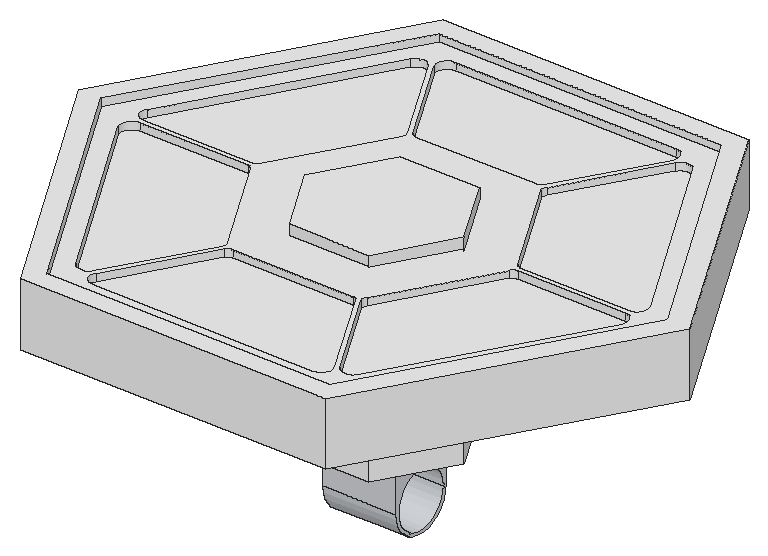
Revit family "Lighting-Industriale-GEWISS-ESALITE-HB-APPARECCHI-LED_20K_DALI", category Apparecchi per illuminazione, host Superficie, Revit 2019
Family settings
  Host = Superficie
  Quota connettore circolare = Usa diametro
  Tipo di parte = Normale
  Taglio con vuoti quando caricato = No
  Sorgente d'illuminazione = No
  Condiviso = No
  Punto di calcolo locali = Sì
Parameters (values of type "GWS6345GD57K - ESALITE 20K ELL.5700K PLAF+V.GR.DALI")
  Versioni = "Luce fredda 5700K"
  Versione file RFA = "20.11"
  VISIBILITA' SIMBOLO [instance] = yes
  VISIBILITA' LAMPADA PIANTA [instance] = not(VISIBILITA' SIMBOLO)  # no
  VISIBILITA' ETICHETTA [instance] = yes
  URL = "https://www.gewiss.com/it/it"
  Tipo alimentatore = "Driver Led Dali"
  Tensione = "220/240 V - 50/60 Hz"
  Temperatura di utilizzo = "-30 +50 °C"
  Temperatura di colore: = "5700 K (CRI>80)"
  Spostamento_y_effettivo_ET [instance] = 4000 mm - Spostamento_y_ET  # 2119.2 mm
  Spostamento_y_ET [instance] = 1880.8 mm
  Spostamento_X_effettivo_ET [instance] = 4000 mm - Spostamento_X_ET  # 3850.612 mm
  Spostamento_X_ET [instance] = 149.388 mm
  Schermo = "Vetro temprato"
  Scheda Tecnica = "https://www.gewiss.com/it/it/search?q=GWS6345GD57K"
  SEO = "High bay"
  Resistenza alle sovratensioni : = "8KV in modalità comune; 6KV in modalità differenziale"
  Resistenza agli urti = "IK08"
  Default Elevation = 1219.2 mm
  Produttore = "GEWISS S.p.A."
  Potenza di sitema = "Wxxx"
  Potenza di sistema = "148W"
  Peso (kg): = "7,5"
  Ottica = "Ellittica"
  Modello = "GWS6345GD57K"
  Lumen output (lm) = "15800"
  Life time L90B10 (Tq 50Â°C) = "49000H"
  Life time L90B10 (Tq 25Â°C) = "100000H"
  Lampada: = "LED - Non sostituibile"
  IDT = "415c5c52712846538a688b8b90fb7a7c"
  IDF = "19b12852-c3c4-4261-9d8f-f5f8c67c6d35"
  Grado di protezione = "IP66"
  Garanzia = "5 anni"
  Flusso nominale (lm) = "20000"
  Descrizione = "ESALITE 20K ELL.5700K PLAF+V.GR.DALI"
  Creato da GEWISS S.p.A. = ""
  Corrente di pilotaggio. = "0,7A"
  Colore = "Grigio RAL 9006"
  Codice Electrocod = "2444"
  Classe isolamento = "I"
  Classe di efficienza LED integrati = "A ÷ A++"
  Catalogo Serie = "ESALITE HB - 20K"
  Catalogo = "LIGHTING"
  COBie.Tagnumber = ""
  COBie.CreatedOn = ""
  COBie.CreatebBy = ""
  COBie.ComponentRegisterItemID = ""
  COBie.Component.TagNumber = ""
  COBie.Component.Space = ""
  COBie.Component.SerialNumber = ""
  COBie.Component.InstallationDate = ""
  COBie.Component.Description = ""
  COBie.Component.BarCode = ""
  Applicazione = "Interno / Esterno"
Types (25, lengths in mm): name | Versioni | Temperatura di colore: | Schermo | Scheda Tecnica | Resistenza agli urti | Ottica | Modello | Lumen output (lm) | IDT | Grado di protezione | Flusso nominale (lm) | Descrizione | Applicazione
  (no name) | "Luce fredda 5700K" | "5700 K (CRI>80)" | "Vetro temprato" | "https://www.gewiss.com/it/it/search?q=GWS6345GD57K" | "IK08" | "Ellittica" | "GWS6345GD57K" | "15800" | "415c5c52712846538a688b8b90fb7a7c" | "IP66" | "20000" | "ESALITE 20K ELL.5700K PLAF+V.GR.DALI" | "Interno / Esterno"
  GWS6042GD - ESALITE 20K 30° 4000K PLAF.GR.DALI | "Luce naturale 4000K" | "4000 K (CRI>80)" | "Plastico" | "https://www.gewiss.com/it/it/search?q=GWS6042GD" | "IK06" | "30°" | "GWS6042GD" | "16800" | "880eaad8e4794eb582f97ddca6df7d5a" | "IP65" | "20000" | "ESALITE 20K 30° 4000K PLAF.GR.DALI" | "Interno"
  GWS6042GD30K - ESALITE 20K 30° 3000K PLAF.GR.DALI | "Luce calda 3000K" | "3000 K (CRI>80)" | "Plastico" | "https://www.gewiss.com/it/it/search?q=GWS6042GD30K" | "IK06" | "30°" | "GWS6042GD30K" | "15600" | "384c06cb263a4326af057043dfc2a4d5" | "IP65" | "18000" | "ESALITE 20K 30° 3000K PLAF.GR.DALI" | "Interno"
  GWS6042GD57K - ESALITE 20K 30° 5700K PLAF.GR.DALI | "Luce fredda 5700K" | "5700 K (CRI>80)" | "Plastico" | "https://www.gewiss.com/it/it/search?q=GWS6042GD57K" | "IK06" | "30°" | "GWS6042GD57K" | "16800" | "1e282dc983594ed7a3e1ec8c0808bfe5" | "IP65" | "20000" | "ESALITE 20K 30° 5700K PLAF.GR.DALI" | "Interno"
  GWS6043GD - ESALITE 20K 60° 4000K PLAF.GR.DALI | "Luce naturale 4000K" | "4000 K (CRI>80)" | "Plastico" | "https://www.gewiss.com/it/it/search?q=GWS6043GD" | "IK06" | "60°" | "GWS6043GD" | "17200" | "aa07067ae6024df0bcf250ee7b5e5463" | "IP65" | "20000" | "ESALITE 20K 60° 4000K PLAF.GR.DALI" | "Interno"
  GWS6043GD30K - ESALITE 20K 60° 3000K PLAF.GR.DALI | "Luce calda 3000K" | "3000 K (CRI>80)" | "Plastico" | "https://www.gewiss.com/it/it/search?q=GWS6043GD30K" | "IK06" | "60°" | "GWS6043GD30K" | "16000" | "17dd8901597549eeaaadfcb9283c137f" | "IP65" | "18000" | "ESALITE 20K 60° 3000K PLAF.GR.DALI" | "Interno"
  GWS6043GD57K - ESALITE 20K 60° 5700K PLAF.GR.DALI | "Luce fredda 5700K" | "5700 K (CRI>80)" | "Plastico" | "https://www.gewiss.com/it/it/search?q=GWS6043GD57K" | "IK06" | "60°" | "GWS6043GD57K" | "17200" | "279cbf9dcd954207bebc93b580e3d05b" | "IP65" | "20000" | "ESALITE 20K 60° 5700K PLAF.GR.DALI" | "Interno"
  GWS6044GD - ESALITE 20K 90° 4000K PLAF.GR.DALI | "Luce naturale 4000K" | "4000 K (CRI>80)" | "Plastico" | "https://www.gewiss.com/it/it/search?q=GWS6044GD" | "IK06" | "90°" | "GWS6044GD" | "18200" | "0adce0165cbe4528914b9b10b8e6a905" | "IP65" | "20000" | "ESALITE 20K 90° 4000K PLAF.GR.DALI" | "Interno"
  GWS6044GD30K - ESALITE 20K 90° 3000K PLAF.GR.DALI | "Luce calda 3000K" | "3000 K (CRI>80)" | "Plastico" | "https://www.gewiss.com/it/it/search?q=GWS6044GD30K" | "IK06" | "90°" | "GWS6044GD30K" | "16900" | "d04c1a66b773425b9b7e0e66c98c2c87" | "IP65" | "18000" | "ESALITE 20K 90° 3000K PLAF.GR.DALI" | "Interno"
  GWS6044GD57K - ESALITE 20K 90° 5700K PLAF.GR.DALI | "Luce fredda 5700K" | "5700 K (CRI>80)" | "Plastico" | "https://www.gewiss.com/it/it/search?q=GWS6044GD57K" | "IK06" | "90°" | "GWS6044GD57K" | "18200" | "d498818d2ac74e5194b7835db621f0a9" | "IP65" | "20000" | "ESALITE 20K 90° 5700K PLAF.GR.DALI" | "Interno"
  GWS6045GD - ESALITE 20K ELL.4000K PLAF.GR.DALI | "Luce naturale 4000K" | "4000 K (CRI>80)" | "Plastico" | "https://www.gewiss.com/it/it/search?q=GWS6045GD" | "IK06" | "Ellittica" | "GWS6045GD" | "17200" | "66cf32bb6a6d49c8a17b7d5726d9645a" | "IP65" | "20000" | "ESALITE 20K ELL.4000K PLAF.GR.DALI" | "Interno"
  GWS6045GD30K - ESALITE 20K ELL.3000K PLAF.GR.DALI | "Luce calda 3000K" | "3000 K (CRI>80)" | "Plastico" | "https://www.gewiss.com/it/it/search?q=GWS6045GD30K" | "IK06" | "Ellittica" | "GWS6045GD30K" | "16000" | "be23d94ca2984904a6e96351761f0e96" | "IP65" | "18000" | "ESALITE 20K ELL.3000K PLAF.GR.DALI" | "Interno"
  GWS6045GD57K - ESALITE 20K ELL.5700K PLAF.GR.DALI | "Luce fredda 5700K" | "5700 K (CRI>80)" | "Plastico" | "https://www.gewiss.com/it/it/search?q=GWS6045GD57K" | "IK06" | "Ellittica" | "GWS6045GD57K" | "17200" | "10850e75e052475fbe325dcd5fce02fd" | "IP65" | "20000" | "ESALITE 20K ELL.5700K PLAF.GR.DALI" | "Interno"
  GWS6342GD - ESALITE 20K 30° 4000K PLAF+V.GR.DALI | "Luce naturale 4000K" | "4000 K (CRI>80)" | "Vetro temprato" | "https://www.gewiss.com/it/it/search?q=GWS6342GD" | "IK08" | "30°" | "GWS6342GD" | "15500" | "16f337152403456fad898dd83abc3509" | "IP66" | "20000" | "ESALITE 20K 30° 4000K PLAF+V.GR.DALI" | "Interno / Esterno"
  GWS6342GD30K - ESALITE 20K 30° 3000K PLAF+V.GR.DALI | "Luce calda 3000K" | "3000 K (CRI>80)" | "Vetro temprato" | "https://www.gewiss.com/it/it/search?q=GWS6342GD30K" | "IK08" | "30°" | "GWS6342GD30K" | "14400" | "807957c586e4428688dbaca40c3c00b5" | "IP66" | "18000" | "ESALITE 20K 30° 3000K PLAF+V.GR.DALI" | "Interno / Esterno"
  GWS6342GD57K - ESALITE 20K 30° 5700K PLAF+V.GR.DALI | "Luce fredda 5700K" | "5700 K (CRI>80)" | "Vetro temprato" | "https://www.gewiss.com/it/it/search?q=GWS6342GD57K" | "IK08" | "30°" | "GWS6342GD57K" | "15500" | "1394dc32d5f74435a3c921ec5db42747" | "IP66" | "20000" | "ESALITE 20K 30° 5700K PLAF+V.GR.DALI" | "Interno / Esterno"
  GWS6343GD - ESALITE 20K 60° 4000K PLAF+V.GR.DALI | "Luce naturale 4000K" | "4000 K (CRI>80)" | "Vetro temprato" | "https://www.gewiss.com/it/it/search?q=GWS6343GD" | "IK08" | "60°" | "GWS6343GD" | "15800" | "37d943dab88a486090e3fdc8d03f270a" | "IP66" | "20000" | "ESALITE 20K 60° 4000K PLAF+V.GR.DALI" | "Interno / Esterno"
  GWS6343GD30K - ESALITE 20K 60° 3000K PLAF+V.GR.DALI | "Luce calda 3000K" | "3000 K (CRI>80)" | "Vetro temprato" | "https://www.gewiss.com/it/it/search?q=GWS6343GD30K" | "IK08" | "60°" | "GWS6343GD30K" | "14700" | "acc1b5225d59497bbba888fd229a3827" | "IP66" | "18000" | "ESALITE 20K 60° 3000K PLAF+V.GR.DALI" | "Interno / Esterno"
  GWS6343GD57K - ESALITE 20K 60° 5700K PLAF+V.GR.DALI | "Luce fredda 5700K" | "5700 K (CRI>80)" | "Vetro temprato" | "https://www.gewiss.com/it/it/search?q=GWS6343GD57K" | "IK08" | "60°" | "GWS6343GD57K" | "15800" | "27dfa28f351e4784b88ef1cc8af6fd42" | "IP66" | "20000" | "ESALITE 20K 60° 5700K PLAF+V.GR.DALI" | "Interno / Esterno"
  GWS6344GD - ESALITE 20K 90° 4000K PLAF+V.GR.DALI | "Luce naturale 4000K" | "4000 K (CRI>80)" | "Vetro temprato" | "https://www.gewiss.com/it/it/search?q=GWS6344GD" | "IK08" | "90°" | "GWS6344GD" | "16800" | "3730ade835324ddf896dbd2aa5bb44e6" | "IP66" | "20000" | "ESALITE 20K 90° 4000K PLAF+V.GR.DALI" | "Interno / Esterno"
  GWS6344GD30K - ESALITE 20K 90° 3000K PLAF+V.GR.DALI | "Luce calda 3000K" | "3000 K (CRI>80)" | "Vetro temprato" | "https://www.gewiss.com/it/it/search?q=GWS6344GD30K" | "IK08" | "90°" | "GWS6344GD30K" | "15600" | "4f9b2680a582441698625264f2d6d22b" | "IP66" | "18000" | "ESALITE 20K 90° 3000K PLAF+V.GR.DALI" | "Interno / Esterno"
  GWS6344GD57K - ESALITE 20K 90° 5700K PLAF+V.GR.DALI | "Luce fredda 5700K" | "5700 K (CRI>80)" | "Vetro temprato" | "https://www.gewiss.com/it/it/search?q=GWS6344GD57K" | "IK08" | "90°" | "GWS6344GD57K" | "16800" | "bc3930611de2443c9a8af0228a4624f1" | "IP66" | "20000" | "ESALITE 20K 90° 5700K PLAF+V.GR.DALI" | "Interno / Esterno"
  GWS6345GD - ESALITE 20K ELL.4000K PLAF+V.GR.DALI | "Luce naturale 4000K" | "4000 K (CRI>80)" | "Vetro temprato" | "https://www.gewiss.com/it/it/search?q=GWS6345GD" | "IK08" | "Ellittica" | "GWS6345GD" | "15800" | "5efb1e3d2c734afb9eb083dc03114954" | "IP66" | "20000" | "ESALITE 20K ELL.4000K PLAF+V.GR.DALI" | "Interno / Esterno"
  GWS6345GD30K - ESALITE 20K ELL.3000K PLAF+V.GR.DALI | "Luce calda 3000K" | "3000 K (CRI>80)" | "Vetro temprato" | "https://www.gewiss.com/it/it/search?q=GWS6345GD30K" | "IK08" | "Ellittica" | "GWS6345GD30K" | "14700" | "2873994c86104030864cd9ef89535a6e" | "IP66" | "18000" | "ESALITE 20K ELL.3000K PLAF+V.GR.DALI" | "Interno / Esterno"
  GWS6345GD57K - ESALITE 20K ELL.5700K PLAF+V.GR.DALI | "Luce fredda 5700K" | "5700 K (CRI>80)" | "Vetro temprato" | "https://www.gewiss.com/it/it/search?q=GWS6345GD57K" | "IK08" | "Ellittica" | "GWS6345GD57K" | "15800" | "415c5c52712846538a688b8b90fb7a7c" | "IP66" | "20000" | "ESALITE 20K ELL.5700K PLAF+V.GR.DALI" | "Interno / Esterno"
Reference planes
  plane 1 "Centro (Fronte/Retro)": y = 0
  plane 2: z = 0
  plane 3 "Centro (Sinistra/Destra)": x = 0
  plane 4: z = 123
  plane 5: x = 0
  plane 6: x = -3850.612
  plane 7: y = -2119.2
  plane 8: y = 0
  plane 9: through (-1779.2, -702.001, 1219.2) normal (0.4695, 0.8829, 0)
  plane 10: through (203.705, -1575.119, 1219.2) normal (-0.866, 0.5, 0)
  plane 11: x = -217.137
  plane 12: x = 217.137
  plane 13: y = 188.046
  plane 14: y = -188.046
Lines and regions (mm)
  symbolic lines, visible <- "VISIBILITA' LAMPADA PIANTA"
    curve 1: line (117.761, 188.046, 0) -> (-99.375, 188.046, 0)
    curve 2: line (-99.375, 188.046, 0) -> (-207.944, 0, 0)
    curve 3: line (-207.944, 0, 0) -> (-99.375, -188.046, 0)
    curve 4: line (-99.375, -188.046, 0) -> (117.761, -188.046, 0)
    curve 5: line (117.761, -188.046, 0) -> (226.33, 0, 0)
    curve 6: line (226.33, 0, 0) -> (117.761, 188.046, 0)
    curve 7: line (-91.542, 174.478, 0) -> (109.928, 174.478, 0)
    curve 8: line (109.928, 174.478, 0) -> (210.663, 0, 0)
    curve 9: line (210.663, 0, 0) -> (109.928, -174.478, 0)
    curve 10: line (109.928, -174.478, 0) -> (-91.542, -174.478, 0)
    curve 11: line (-91.542, -174.478, 0) -> (-192.277, 0, 0)
    curve 12: line (-192.277, 0, 0) -> (-91.542, 174.478, 0)
    curve 13: line (-69.317, 161.48, 0) -> (87.703, 161.48, 0)
    curve 14: arc (87.703, 161.48, 0) -> (94.2, 157.725, 0) -> (94.191, 150.22, 0) r 7.499
    curve 15: line (94.191, 150.22, 0) -> (55.952, 83.99, 0)
    curve 16: arc (55.952, 83.99, 0) -> (54.122, 82.16, 0) -> (51.623, 81.49, 0) r 4.999
    curve 17: line (51.623, 81.49, 0) -> (-33.237, 81.49, 0)
    curve 18: arc (-33.237, 81.49, 0) -> (-35.737, 82.16, 0) -> (-37.567, 83.99, 0) r 4.999
    curve 19: line (-37.567, 83.99, 0) -> (-75.817, 150.242, 0)
    curve 20: arc (-75.817, 150.242, 0) -> (-75.808, 157.736, 0) -> (-69.317, 161.48, 0) r 7.499
    curve 21: line (-169.901, 12.76, 0) -> (-91.404, 148.72, 0)
    curve 22: arc (-91.404, 148.72, 0) -> (-84.916, 152.481, 0) -> (-78.415, 148.742, 0) r 7.499
    curve 23: line (-78.415, 148.742, 0) -> (-40.164, 82.49, 0)
    curve 24: arc (-40.164, 82.49, 0) -> (-39.495, 79.99, 0) -> (-40.164, 77.49, 0) r 4.999
    curve 25: line (-40.164, 77.49, 0) -> (-82.594, 4, 0)
    curve 26: arc (-82.594, 4, 0) -> (-84.424, 2.17, 0) -> (-86.924, 1.5, 0) r 4.999
    curve 27: line (-86.924, 1.5, 0) -> (-163.413, 1.5, 0)
    curve 28: arc (-163.413, 1.5, 0) -> (-169.91, 5.255, 0) -> (-169.901, 12.76, 0) r 7.499
    curve 29: line (-91.391, -148.742, 0) -> (-169.914, -12.737, 0)
    curve 30: arc (-169.914, -12.737, 0) -> (-169.904, -5.244, 0) -> (-163.413, -1.5, 0) r 7.499
    curve 31: line (-163.413, -1.5, 0) -> (-86.924, -1.5, 0)
    curve 32: arc (-86.924, -1.5, 0) -> (-84.424, -2.169, 0) -> (-82.594, -3.999, 0) r 4.999
    curve 33: line (-82.594, -3.999, 0) -> (-40.164, -77.49, 0)
    curve 34: arc (-40.164, -77.49, 0) -> (-39.495, -79.99, 0) -> (-40.164, -82.489, 0) r 4.999
    curve 35: line (-40.164, -82.489, 0) -> (-78.415, -148.742, 0)
    curve 36: arc (-78.415, -148.742, 0) -> (-84.903, -152.48, 0) -> (-91.391, -148.742, 0) r 7.499
    curve 37: line (-33.237, -81.489, 0) -> (51.623, -81.489, 0)
    curve 38: arc (51.623, -81.489, 0) -> (54.122, -82.159, 0) -> (55.952, -83.989, 0) r 4.999
    curve 39: line (55.952, -83.989, 0) -> (94.191, -150.22, 0)
    curve 40: arc (94.191, -150.22, 0) -> (94.2, -157.724, 0) -> (87.703, -161.479, 0) r 7.499
    curve 41: line (87.703, -161.479, 0) -> (-69.317, -161.479, 0)
    curve 42: arc (-69.317, -161.479, 0) -> (-75.808, -157.735, 0) -> (-75.817, -150.242, 0) r 7.499
    curve 43: line (-75.817, -150.242, 0) -> (-37.567, -83.989, 0)
    curve 44: arc (-37.567, -83.989, 0) -> (-35.737, -82.159, 0) -> (-33.237, -81.489, 0) r 4.999
    curve 45: line (58.55, -77.49, 0) -> (100.98, -3.999, 0)
    curve 46: arc (100.98, -3.999, 0) -> (102.81, -2.169, 0) -> (105.31, -1.5, 0) r 4.999
    curve 47: line (105.31, -1.5, 0) -> (181.799, -1.5, 0)
    curve 48: arc (181.799, -1.5, 0) -> (188.296, -5.255, 0) -> (188.287, -12.759, 0) r 7.499
    curve 49: line (188.287, -12.759, 0) -> (109.79, -148.72, 0)
    curve 50: arc (109.79, -148.72, 0) -> (103.302, -152.48, 0) -> (96.801, -148.742, 0) r 7.499
    curve 51: line (96.801, -148.742, 0) -> (58.55, -82.489, 0)
    curve 52: arc (58.55, -82.489, 0) -> (57.88, -79.99, 0) -> (58.55, -77.49, 0) r 4.999
    curve 53: line (100.98, 4, 0) -> (58.55, 77.49, 0)
    curve 54: arc (58.55, 77.49, 0) -> (57.88, 79.99, 0) -> (58.55, 82.49, 0) r 4.999
    curve 55: line (58.55, 82.49, 0) -> (96.801, 148.742, 0)
    curve 56: arc (96.801, 148.742, 0) -> (103.302, 152.481, 0) -> (109.79, 148.72, 0) r 7.499
    curve 57: line (109.79, 148.72, 0) -> (188.287, 12.76, 0)
    curve 58: arc (188.287, 12.76, 0) -> (188.296, 5.255, 0) -> (181.799, 1.5, 0) r 7.499
    curve 59: line (181.799, 1.5, 0) -> (105.31, 1.5, 0)
    curve 60: arc (105.31, 1.5, 0) -> (102.81, 2.17, 0) -> (100.98, 4, 0) r 4.999
    curve 121: line (-217.137, 0, 199.205) -> (217.137, 0, 199.205)
    curve 122: line (-217.137, 0, 152.205) -> (-217.137, 0, 199.205)
    curve 123: line (217.137, 0, 152.205) -> (-217.137, 0, 152.205)
    curve 124: line (217.137, 0, 199.205) -> (217.137, 0, 152.205)
    curve 125: line (-56.644, 0, 152.205) -> (56.76, 0, 152.205)
    curve 126: line (-56.644, 0, 55) -> (-56.644, 0, 152.205)
    curve 127: line (56.76, 0, 55) -> (-56.644, 0, 55)
    curve 128: line (56.76, 0, 152.205) -> (56.76, 0, 55)
    curve 129: line (-28.293, 0, 55) -> (26.009, 0, 55)
    curve 130: line (-28.293, 0, -0.589) -> (-28.293, 0, 55)
    curve 131: line (26.009, 0, -0.589) -> (-28.293, 0, -0.589)
    curve 132: line (26.009, 0, 55) -> (26.009, 0, -0.589)
  symbolic lines, visible <- "VISIBILITA' LAMPADA PIANTA", not visible
    curve 61: line (647.886, 853, 0) -> (430.75, 853, 0)
    curve 62: line (430.75, 853, 0) -> (322.181, 664.955, 0)
    curve 63: line (322.181, 664.955, 0) -> (430.75, 476.909, 0)
    curve 64: line (430.75, 476.909, 0) -> (647.886, 476.909, 0)
    curve 65: line (647.886, 476.909, 0) -> (756.454, 664.955, 0)
    curve 66: line (756.454, 664.955, 0) -> (647.886, 853, 0)
    curve 67: line (438.583, 839.433, 0) -> (640.053, 839.433, 0)
    curve 68: line (640.053, 839.433, 0) -> (740.788, 664.955, 0)
    curve 69: line (740.788, 664.955, 0) -> (640.053, 490.477, 0)
    curve 70: line (640.053, 490.477, 0) -> (438.583, 490.477, 0)
    curve 71: line (438.583, 490.477, 0) -> (337.848, 664.955, 0)
    curve 72: line (337.848, 664.955, 0) -> (438.583, 839.433, 0)
    curve 73: line (460.808, 826.434, 0) -> (617.828, 826.434, 0)
    curve 74: arc (617.828, 826.434, 0) -> (624.325, 822.679, 0) -> (624.316, 815.175, 0) r 7.499
    curve 75: line (624.316, 815.175, 0) -> (586.077, 748.944, 0)
    curve 76: arc (586.077, 748.944, 0) -> (584.247, 747.114, 0) -> (581.748, 746.444, 0) r 4.999
    curve 77: line (581.748, 746.444, 0) -> (496.888, 746.444, 0)
    curve 78: arc (496.888, 746.444, 0) -> (494.388, 747.114, 0) -> (492.558, 748.944, 0) r 4.999
    curve 79: line (492.558, 748.944, 0) -> (454.307, 815.197, 0)
    curve 80: arc (454.307, 815.197, 0) -> (454.317, 822.69, 0) -> (460.808, 826.434, 0) r 7.499
    curve 81: line (360.224, 677.714, 0) -> (438.721, 813.675, 0)
    curve 82: arc (438.721, 813.675, 0) -> (445.209, 817.435, 0) -> (451.71, 813.697, 0) r 7.499
    curve 83: line (451.71, 813.697, 0) -> (489.961, 747.444, 0)
    curve 84: arc (489.961, 747.444, 0) -> (490.63, 744.944, 0) -> (489.961, 742.445, 0) r 4.999
    curve 85: line (489.961, 742.445, 0) -> (447.531, 668.954, 0)
    curve 86: arc (447.531, 668.954, 0) -> (445.701, 667.124, 0) -> (443.201, 666.454, 0) r 4.999
    curve 87: line (443.201, 666.454, 0) -> (366.712, 666.454, 0)
    curve 88: arc (366.712, 666.454, 0) -> (360.214, 670.209, 0) -> (360.224, 677.714, 0) r 7.499
    curve 89: line (438.734, 516.213, 0) -> (360.211, 652.217, 0)
    curve 90: arc (360.211, 652.217, 0) -> (360.221, 659.711, 0) -> (366.712, 663.455, 0) r 7.499
    curve 91: line (366.712, 663.455, 0) -> (443.201, 663.455, 0)
    curve 92: arc (443.201, 663.455, 0) -> (445.701, 662.785, 0) -> (447.531, 660.955, 0) r 4.999
    curve 93: line (447.531, 660.955, 0) -> (489.961, 587.464, 0)
    curve 94: arc (489.961, 587.464, 0) -> (490.63, 584.965, 0) -> (489.961, 582.465, 0) r 4.999
    curve 95: line (489.961, 582.465, 0) -> (451.71, 516.213, 0)
    curve 96: arc (451.71, 516.213, 0) -> (445.222, 512.474, 0) -> (438.734, 516.213, 0) r 7.499
    curve 97: line (496.888, 583.465, 0) -> (581.748, 583.465, 0)
    curve 98: arc (581.748, 583.465, 0) -> (584.247, 582.795, 0) -> (586.077, 580.965, 0) r 4.999
    curve 99: line (586.077, 580.965, 0) -> (624.316, 514.735, 0)
    curve 100: arc (624.316, 514.735, 0) -> (624.325, 507.23, 0) -> (617.828, 503.475, 0) r 7.499
    curve 101: line (617.828, 503.475, 0) -> (460.808, 503.475, 0)
    curve 102: arc (460.808, 503.475, 0) -> (454.317, 507.219, 0) -> (454.307, 514.713, 0) r 7.499
    curve 103: line (454.307, 514.713, 0) -> (492.558, 580.965, 0)
    curve 104: arc (492.558, 580.965, 0) -> (494.388, 582.795, 0) -> (496.888, 583.465, 0) r 4.999
    curve 105: line (588.675, 587.464, 0) -> (631.105, 660.955, 0)
    curve 106: arc (631.105, 660.955, 0) -> (632.935, 662.785, 0) -> (635.434, 663.455, 0) r 4.999
    curve 107: line (635.434, 663.455, 0) -> (711.924, 663.455, 0)
    curve 108: arc (711.924, 663.455, 0) -> (718.421, 659.7, 0) -> (718.412, 652.195, 0) r 7.499
    curve 109: line (718.412, 652.195, 0) -> (639.915, 516.234, 0)
    curve 110: arc (639.915, 516.234, 0) -> (633.427, 512.474, 0) -> (626.926, 516.213, 0) r 7.499
    curve 111: line (626.926, 516.213, 0) -> (588.675, 582.465, 0)
    curve 112: arc (588.675, 582.465, 0) -> (588.005, 584.965, 0) -> (588.675, 587.464, 0) r 4.999
    curve 113: line (631.105, 668.954, 0) -> (588.675, 742.445, 0)
    curve 114: arc (588.675, 742.445, 0) -> (588.005, 744.944, 0) -> (588.675, 747.444, 0) r 4.999
    curve 115: line (588.675, 747.444, 0) -> (626.926, 813.697, 0)
    curve 116: arc (626.926, 813.697, 0) -> (633.427, 817.435, 0) -> (639.915, 813.675, 0) r 7.499
    curve 117: line (639.915, 813.675, 0) -> (718.412, 677.714, 0)
    curve 118: arc (718.412, 677.714, 0) -> (718.421, 670.209, 0) -> (711.924, 666.454, 0) r 7.499
    curve 119: line (711.924, 666.454, 0) -> (635.434, 666.454, 0)
    curve 120: arc (635.434, 666.454, 0) -> (632.935, 667.124, 0) -> (631.105, 668.954, 0) r 4.999
Text (mm)
  text "B-A=C" at (-2005.323, -1167.131, 0), in view "Livello rif."
  text "D+A-C=B" at (1746.792, 582.509, 0), in view "Livello rif."
Dimensions and locks
  "Spostamento_X_effettivo_ET": plane 6 to plane 5
  plane 6 to plane 3 "Centro (Sinistra/Destra)" = 3850.612 mm
  "Spostamento_y_effettivo_ET": plane 8 to plane 7
  plane 1 "Centro (Fronte/Retro)" to plane 7 = 2119.2 mm
  plane 11 to plane 12 = 434.273 mm
  plane 13 to plane 14 = 376.092 mm
  angle plane 9 to plane 7 = 28.00°
  angle plane 7 to plane 6 = 90.00°
  aligned and locked: plane 2 to host face
  aligned and locked: level to host face
  aligned and locked: plane 5 to nested 1
  aligned and locked: nested 1 to plane 8
Automatic sketch dimensions
  host sketch curve to host sketch curve = 2438.4 mm  (x2)
  curve 123 to plane 11 = 0 mm
  curve 123 to plane 12 = 0 mm
  curve 126 to plane 3 "Centro (Sinistra/Destra)" = 56.644 mm
  curve 130 to level = 0.589 mm
  curve 130 to plane 3 "Centro (Sinistra/Destra)" = 28.293 mm
  plane 3 "Centro (Sinistra/Destra)" to curve 132 = 26.009 mm
  plane 3 "Centro (Sinistra/Destra)" to curve 128 = 56.76 mm
  level to curve 130 = 55 mm
  curve 128 to curve 129 = 0 mm
  curve 126 to plane 4 = 29.205 mm
  curve 124 to plane 4 = 29.205 mm
  curve 123 to curve 124 = 47 mm
Nested families
  nested 1: "etichetta Potenza Lampada" at (0, 0, 0), visible <- "VISIBILITA' ETICHETTA", type "etichetta Potenza Lampada"
  nested 2: "xESALITE HB 20K SOSPENSIONE_base" at (0, 0, 0), type "Tipo 1"
  nested 3: "esalight hb simb" at (-10, 0, 122.205) x (1, 0, 0) z (0, -1, 0), visible <- "VISIBILITA' SIMBOLO", type "esalight hb simb"
  nested 4: "esalight hb simb" at (0, 0, 0), visible <- "VISIBILITA' SIMBOLO", type "esalight hb simb"
Definition of nested family "xESALITE HB 20K SOSPENSIONE_base"
  Parameters (values of type "Tipo 1")
    Schermatura interna = none
    LED = none
    Corpo luce = none
  Types (2): name
    Tipo 1
    xESALITE HB 12K SOSPENSIONE_base
  Reference planes
    plane 1 "Centro (Fronte/Retro)": y = 0
    plane 2: z = 0
    plane 3 "Centro (Sinistra/Destra)": x = 0
    plane 4: x = -145.163
    plane 5: x = 145.28
    plane 6: y = 126.226
    plane 7: y = -125.856
    plane 8: y = 55.469
    plane 9: y = -55.099
    plane 10: x = -63.671
    plane 11: x = 63.788
    plane 12: y = -123.856
    plane 13: y = 124.226
    plane 14: y = -112.535
    plane 15: y = 112.905
    plane 16: y = -22
    plane 17: y = 22
    plane 18: y = -108.017
    plane 19: y = 108.387
    plane 20: through (-28.293, 49.29, 1200) normal (0.866, -0.5, 0)
    plane 21: y = 49.29
    plane 22: through (28.409, 49.29, 1200) normal (0.866, 0.5, 0)
    plane 23: through (28.409, -48.92, 1200) normal (-0.866, 0.5, 0)
    plane 24: y = -48.92
    plane 25: through (-56.644, 0.185, 1200) normal (0.866, 0.5, 0)
    plane 26: through (-31.86, 55.469, 1200) normal (0.866, -0.5, 0)
    plane 27: through (-63.778, 0.185, 1200) normal (0.866, 0.5, 0)
    plane 28: y = -55.099
    plane 29: through (63.894, 0.185, 1200) normal (0.866, -0.5, 0)
    plane 30: through (63.894, 0.185, 1200) normal (-0.866, -0.5, 0)
    plane 31: y = 55.469
    plane 32: z = 123.439
    plane 33: through (-65.51, 1.185, 1200) normal (-0.866, 0.5, 0)
    plane 34: through (-33.592, -56.099, 1200) normal (-0.866, -0.5, 0)
    plane 35: through (-65.51, 1.185, 1200) normal (-0.866, 0.5, 0)
    plane 36: y = 57.469
    plane 37: through (33.708, 56.469, 1200) normal (0.866, 0.5, 0)
    plane 38: through (65.626, -0.815, 1200) normal (0.866, -0.5, 0)
    plane 39: y = -57.099
    plane 40: y = -1
    plane 41: y = 1
    plane 42: x = -1
    plane 43: x = 0
    plane 44: y = 105.387
    plane 45: y = -105.017
    plane 46: z = 130
    plane 47: y = -103.017
    plane 48: y = 103.387
    plane 49: x = 1
    plane 50: through (-108.857, 187.546, 1200) normal (0.866, -0.5, 0)
    plane 51: y = 188.046
    plane 52: y = 174.478
    plane 53: through (-101.456, 173.228, 1200) normal (0.866, -0.5, 0)
    plane 54: through (-216.848, -0.5, 1200) normal (0.866, 0.5, 0)
    plane 55: through (-200.748, -1.25, 1200) normal (0.866, 0.5, 0)
    plane 56: y = -188.046
    plane 57: y = -174.478
    plane 58: y = 188.046
    plane 59: y = 174.478
    plane 60: through (200.748, 1.25, 1200) normal (-0.866, -0.5, 0)
    plane 61: through (216.848, 0.5, 1200) normal (-0.866, -0.5, 0)
    plane 62: through (108.857, -187.546, 1200) normal (-0.866, 0.5, 0)
    plane 63: through (101.456, -173.228, 1200) normal (-0.866, 0.5, 0)
    plane 64: z = 89
    plane 65: z = 134
    plane 66: z = 108.133
    plane 67: z = 123.439
    plane 68: z = 117.439
    plane 69: z = 128.439
    plane 70: z = 27.205
    plane 71: z = 152.205
    plane 72: z = 197.205
    plane 73: z = 199.205
    plane 74: z = 192.205
    plane 75: z = 182.205
    plane 76: z = 187.205
    plane 77: z = 184.113
  Forms (mm)
    Extrusion 1, solid, material <- "Corpo luce"
      sketch origin (0, 0, 0) x (1, 0, 0) y (0, 1, 0)
        loop
          line (-28.293, 49.29) -> (-56.644, 0.185) -> (-28.293, -48.92) -> (28.409, -48.92) -> (56.76, 0.185) -> (28.409, 49.29) -> (-28.293, 49.29)
      from 199.205 to 55
    Extrusion 2, solid
      sketch origin (0, 0, 0) x (0, 1, 0) y (0, 0, 1)
        loop
          arc (-22, 21.411) -> (0, -0.589) -> (22, 21.411) r 22
          line (22, 21.411) -> (22, 55) -> (-22, 55) -> (-22, 21.411)
        loop
          circle (0, 21.411) r 20
      from -26.009 to 26.009
    Extrusion 3, solid, material <- "Corpo luce"
      sketch origin (0, 0, 0) x (1, 0, 0) y (0, 1, 0)
        loop
          line (108.568, -188.046) -> (217.137, 0) -> (108.568, 188.046) -> (-108.568, 188.046) -> (-217.137, 0) -> (-108.568, -188.046) -> (108.568, -188.046)
        loop
          line (100.735, -174.478) -> (201.47, 0) -> (100.735, 174.478) -> (-100.735, 174.478) -> (-201.47, 0) -> (-100.735, -174.478) -> (100.735, -174.478)
      from 152.205 to 197.205
    Extrusion 4, solid, material <- "Corpo luce"
      sketch origin (0, 0, 0) x (1, 0, 0) y (0, 1, 0)
        loop
          line (-201.47, 0) -> (-100.735, -174.478) -> (100.735, -174.478) -> (201.47, 0) -> (100.735, 174.478) -> (-100.735, 174.478) -> (-201.47, 0)
        loop
          line (-28.293, 49.29) -> (-56.644, 0.185) -> (-28.293, -48.92) -> (28.409, -48.92) -> (56.76, 0.185) -> (28.409, 49.29) -> (-28.293, 49.29)
      from 182.205 to 192.205
    Extrusion 5, void
      sketch origin (0, 0, 0) x (1, 0, 0) y (0, 1, 0)
        loop
          line (-100.597, 148.72) -> (-179.094, 12.76)
          arc (-179.094, 12.76) -> (-179.103, 5.255) -> (-172.606, 1.5) r 7.499
          line (-172.606, 1.5) -> (-96.117, 1.5)
          arc (-96.117, 1.5) -> (-93.617, 2.17) -> (-91.787, 4) r 4.999
          line (-91.787, 4) -> (-49.357, 77.49)
          arc (-49.357, 77.49) -> (-48.687, 79.99) -> (-49.357, 82.49) r 4.999
          line (-49.357, 82.49) -> (-87.608, 148.742)
          arc (-87.608, 148.742) -> (-94.109, 152.481) -> (-100.597, 148.72) r 7.499
        loop
          line (78.51, 161.48) -> (-78.51, 161.48)
          arc (-78.51, 161.48) -> (-85.001, 157.736) -> (-85.01, 150.242) r 7.499
          line (-85.01, 150.242) -> (-46.759, 83.99)
          arc (-46.759, 83.99) -> (-44.93, 82.16) -> (-42.43, 81.49) r 4.999
          line (-42.43, 81.49) -> (42.43, 81.49)
          arc (42.43, 81.49) -> (44.93, 82.16) -> (46.759, 83.99) r 4.999
          line (46.759, 83.99) -> (84.998, 150.22)
          arc (84.998, 150.22) -> (85.007, 157.725) -> (78.51, 161.48) r 7.499
        loop
          arc (49.357, 82.49) -> (48.687, 79.99) -> (49.357, 77.49) r 4.999
          line (49.357, 77.49) -> (91.787, 4)
          arc (91.787, 4) -> (93.617, 2.17) -> (96.117, 1.5) r 4.999
          line (96.117, 1.5) -> (172.606, 1.5)
          arc (172.606, 1.5) -> (179.103, 5.255) -> (179.094, 12.76) r 7.499
          line (179.094, 12.76) -> (100.597, 148.72)
          arc (100.597, 148.72) -> (94.109, 152.481) -> (87.608, 148.742) r 7.499
          line (87.608, 148.742) -> (49.357, 82.49)
        loop
          line (49.357, -82.489) -> (87.608, -148.742)
          arc (87.608, -148.742) -> (94.109, -152.48) -> (100.597, -148.72) r 7.499
          line (100.597, -148.72) -> (179.094, -12.759)
          arc (179.094, -12.759) -> (179.103, -5.255) -> (172.606, -1.5) r 7.499
          line (172.606, -1.5) -> (96.117, -1.5)
          arc (96.117, -1.5) -> (93.617, -2.169) -> (91.787, -3.999) r 4.999
          line (91.787, -3.999) -> (49.357, -77.49)
          arc (49.357, -77.49) -> (48.687, -79.99) -> (49.357, -82.489) r 4.999
        loop
          arc (-42.43, -81.489) -> (-44.93, -82.159) -> (-46.759, -83.989) r 4.999
          line (-46.759, -83.989) -> (-85.01, -150.242)
          arc (-85.01, -150.242) -> (-85.001, -157.735) -> (-78.51, -161.479) r 7.499
          line (-78.51, -161.479) -> (78.51, -161.479)
          arc (78.51, -161.479) -> (85.007, -157.724) -> (84.998, -150.22) r 7.499
          line (84.998, -150.22) -> (46.759, -83.989)
          arc (46.759, -83.989) -> (44.93, -82.159) -> (42.43, -81.489) r 4.999
          line (42.43, -81.489) -> (-42.43, -81.489)
        loop
          arc (-91.787, -3.999) -> (-93.617, -2.169) -> (-96.117, -1.5) r 4.999
          line (-96.117, -1.5) -> (-172.606, -1.5)
          arc (-172.606, -1.5) -> (-179.097, -5.244) -> (-179.107, -12.737) r 7.499
          line (-179.107, -12.737) -> (-100.584, -148.742)
          arc (-100.584, -148.742) -> (-94.096, -152.48) -> (-87.608, -148.742) r 7.499
          line (-87.608, -148.742) -> (-49.357, -82.489)
          arc (-49.357, -82.489) -> (-48.687, -79.99) -> (-49.357, -77.49) r 4.999
          line (-49.357, -77.49) -> (-91.787, -3.999)
      from 187.205 to 192.205
  Cuts and joins
    Extrusion 5 cuts Extrusion 4
  Lines and regions (mm)
    symbolic lines
      curve 1: line (0, 188.046, 0) -> (0, 193.046, 0)
  Dimensions and locks
    locked: plane 6 to plane 13 at 2
    locked: plane 7 to plane 12 at 2
    locked: plane 15 to plane 13 at 11.321
    locked: plane 12 to plane 14 at 11.321
    equal spacing: Extrusion 2, plane 3 "Centro (Sinistra/Destra)", Extrusion 2
    plane 4 to plane 5 = 290.443 mm
    plane 7 to plane 6 = 252.082 mm
    Extrusion 1 to plane 70 = 172 mm
    plane 72 to plane 71 = 45 mm
    locked: plane 72 to plane 74 at 5
    locked: plane 74 to plane 75 at 10
    locked: plane 74 to plane 76 at 5
    locked: plane 76 to plane 77 at 3.092
    aligned and locked: level to plane 2
    aligned and locked: Extrusion 2 sketch curve to plane 16
    aligned and locked: Extrusion 2 sketch curve to plane 17
    aligned and locked: plane 1 "Centro (Fronte/Retro)" to Extrusion 2 sketch curve
    aligned and locked: Extrusion 1 sketch curve to plane 20
    aligned and locked: Extrusion 1 sketch curve to plane 25
    aligned and locked: Extrusion 1 sketch curve to plane 24
    aligned and locked: Extrusion 1 sketch curve to plane 23
    aligned and locked: Extrusion 1 sketch curve to plane 22
    aligned and locked: Extrusion 1 sketch curve to plane 21
    aligned and locked: Extrusion 1 to plane 73
    aligned and locked: Extrusion 3 to plane 72
    aligned and locked: plane 71 to Extrusion 3
    aligned and locked: Extrusion 4 to plane 74
    aligned and locked: Extrusion 4 to plane 75
    aligned and locked: Extrusion 4 to Extrusion 5
    aligned and locked: plane 76 to Extrusion 5
  Automatic sketch dimensions
    curve 1 to plane 3 "Centro (Sinistra/Destra)" = 0 mm
    curve 1 to plane 51 = 0 mm
    curve 1 to curve 1 = 5 mm
    Extrusion 2 sketch curve to Extrusion 2 sketch curve = 0 mm
    plane 70 to Extrusion 2 sketch curve = 5.795 mm
    Extrusion 2 sketch curve to plane 70 = 27.795 mm
    plane 50 to Extrusion 3 sketch curve = 0 mm  (x2)
    Extrusion 3 sketch curve to plane 54 = 0 mm  (x2)
    plane 53 to Extrusion 3 sketch curve = 0 mm  (x2)
    Extrusion 3 sketch curve to plane 55 = 0 mm  (x2)
    Extrusion 3 sketch curve to plane 56 = 0 mm
    Extrusion 3 sketch curve to plane 51 = 0 mm
    Extrusion 3 sketch curve to plane 57 = 0 mm
    Extrusion 3 sketch curve to plane 52 = 0 mm
    Extrusion 3 sketch curve to plane 63 = 0 mm
    plane 60 to Extrusion 3 sketch curve = 0 mm  (x2)
    plane 61 to Extrusion 3 sketch curve = 0 mm  (x2)
    Extrusion 3 sketch curve to plane 62 = 0 mm
    plane 63 to Extrusion 3 sketch curve = 0 mm
    plane 62 to Extrusion 3 sketch curve = 0 mm
    plane 53 to Extrusion 4 sketch curve = 0 mm  (x2)
    Extrusion 4 sketch curve to plane 55 = 0 mm  (x2)
    Extrusion 4 sketch curve to plane 52 = 0 mm
    Extrusion 4 sketch curve to plane 57 = 0 mm
    Extrusion 4 sketch curve to plane 20 = 0 mm
    Extrusion 4 sketch curve to plane 25 = 0 mm  (x2)
    plane 20 to Extrusion 4 sketch curve = 0 mm
    Extrusion 4 sketch curve to plane 21 = 0 mm
    Extrusion 4 sketch curve to plane 24 = 0 mm
    Extrusion 4 sketch curve to plane 22 = 0 mm  (x2)
    Extrusion 4 sketch curve to plane 23 = 0 mm  (x2)
    plane 60 to Extrusion 4 sketch curve = 0 mm  (x2)
    Extrusion 4 sketch curve to plane 63 = 0 mm
    plane 63 to Extrusion 4 sketch curve = 0 mm
    Extrusion 5 sketch curve to plane 16 = 9.263 mm
    plane 4 to Extrusion 5 sketch curve = 33.943 mm
    plane 17 to Extrusion 5 sketch curve = 9.24 mm  (x2)
    Extrusion 5 sketch curve to Extrusion 5 sketch curve = 0.013 mm
    Extrusion 5 sketch curve to Extrusion 5 sketch curve = 6.501 mm  (x6)
    Extrusion 5 sketch curve to plane 41 = 0.5 mm  (x2)
    Extrusion 5 sketch curve to Extrusion 5 sketch curve = 0 mm  (x10)
    plane 10 to Extrusion 5 sketch curve = 36.926 mm
    plane 10 to Extrusion 5 sketch curve = 36.913 mm
    plane 40 to Extrusion 5 sketch curve = 0.5 mm  (x2)
    plane 10 to Extrusion 5 sketch curve = 32.445 mm
    Extrusion 5 sketch curve to Extrusion 5 sketch curve = 6.488 mm  (x9)
    Extrusion 5 sketch curve to plane 41 = 3 mm  (x2)
    Extrusion 5 sketch curve to Extrusion 5 sketch curve = 4.33 mm  (x11)
    plane 40 to Extrusion 5 sketch curve = 2.999 mm  (x2)
    Extrusion 5 sketch curve to Extrusion 5 sketch curve = 2.598 mm  (x8)
    Extrusion 5 sketch curve to plane 10 = 9.984 mm  (x2)
    plane 11 to Extrusion 5 sketch curve = 21.358 mm  (x2)
    Extrusion 5 sketch curve to plane 11 = 14.722 mm  (x2)
    Extrusion 5 sketch curve to Extrusion 5 sketch curve = 2.61 mm  (x2)
    Extrusion 5 sketch curve to plane 11 = 28 mm
    plane 7 to Extrusion 5 sketch curve = 22.864 mm
    plane 6 to Extrusion 5 sketch curve = 22.495 mm
    Extrusion 5 sketch curve to plane 5 = 27.326 mm
    Extrusion 5 sketch curve to plane 16 = 9.241 mm
    plane 7 to Extrusion 5 sketch curve = 22.886 mm
    Extrusion 5 sketch curve to Extrusion 5 sketch curve = 0.022 mm
    Extrusion 5 sketch curve to Extrusion 5 sketch curve = 1.478 mm  (x2)
    Extrusion 5 sketch curve to Extrusion 5 sketch curve = 1.5 mm  (x6)
    Extrusion 5 sketch curve to Extrusion 5 sketch curve = 3.76 mm  (x2)
    plane 47 to Extrusion 5 sketch curve = 16.529 mm  (x2)
    Extrusion 5 sketch curve to Extrusion 5 sketch curve = 2.5 mm  (x5)
    plane 36 to Extrusion 5 sketch curve = 20.022 mm  (x2)
    Extrusion 5 sketch curve to Extrusion 5 sketch curve = 1 mm
    Extrusion 5 sketch curve to Extrusion 5 sketch curve = 3.739 mm  (x3)
    plane 6 to Extrusion 5 sketch curve = 18.756 mm
    radius of Extrusion 2 sketch curve = 20 mm
Definition of nested family "etichetta Potenza Lampada"
  Parameters (values of type "etichetta Potenza Lampada")
    potenza lampada = "Wxxx"
  Reference planes
    plane 1: y = 0
    plane 2: x = 0
  Text (mm)
    label "QE" at (0.073, -0.194, 0), shows "potenza lampada"
Definition of nested family "esalight hb simb"
  Reference planes
    plane 1 "Centro (Fronte/Retro)": y = 0
    plane 2: z = 0
    plane 3 "Centro (Sinistra/Destra)": x = 0
  Lines and regions (mm)
    detail lines, in view "Livello rif."
      curve 1: line (0, 77.5, 0) -> (0, -72.5, 0)
      curve 2: arc (0, 77.5, 0) -> (75, 2.5, 0) -> (0, -72.5, 0) r 75
      curve 3: line (84.5, 45.846, 0) -> (142.251, 79.189, 0)
      curve 4: line (162.442, 90.846, 0) -> (139.127, 84.599, 0)
      curve 5: line (162.442, 90.846, 0) -> (145.374, 73.779, 0)
      curve 6: line (139.127, 84.599, 0) -> (145.374, 73.779, 0)
      curve 7: line (84.5, -50.846, 0) -> (142.251, -84.189, 0)
      curve 8: line (162.442, -95.846, 0) -> (139.127, -89.599, 0)
      curve 9: line (162.442, -95.846, 0) -> (145.374, -78.779, 0)
      curve 10: line (139.127, -89.599, 0) -> (145.374, -78.779, 0)
